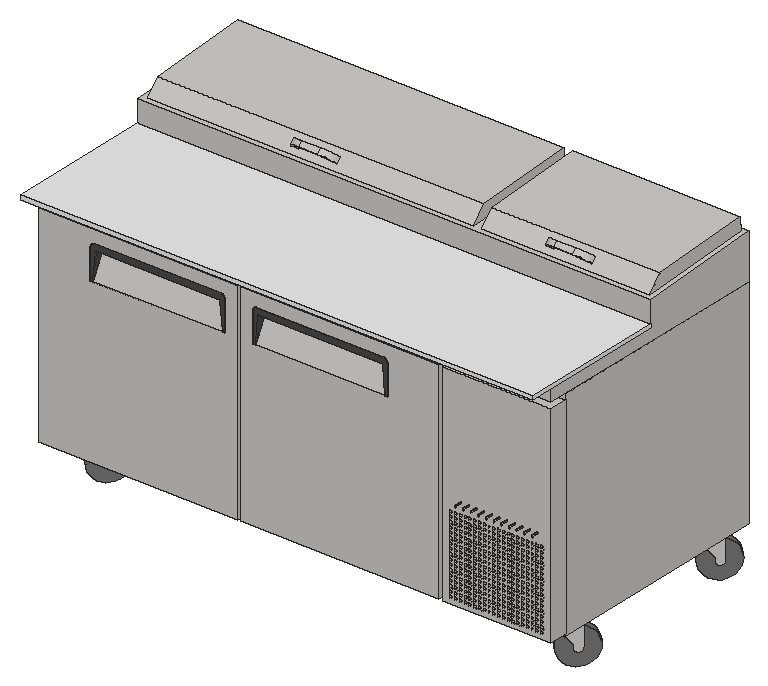
Revit family "QF_Turbo Air_TPR-67SD", category Specialty Equipment, Revit 2012
Parameters
  Weight in Pounds = 411
  Watermarked By = "http://revitwatermark.com"
  Volts = 115 V
  URL Cutsheet = ""
  URL = "www.turboairinc.com"
  Status [instance] = ""
  Specification by User [instance] = ""
  Specification by Manufacturer [instance] = ""
  Serial Number [instance] = ""
  Revision Code [instance] = ""
  Phase = 1
  Number of Poles [instance] = 1
  NAFEM Spec ID Number [instance] = ""
  Model = "TPR-67SD"
  Masterspec [instance] = ""
  Manufacturer = "Turbo Air"  # constant formula
  Legs [instance] = [6 inch Legs]  # no
  Item Number [instance] = "-"
  Installed By [instance] = ""
  HP = "2/3"
  Furnished By [instance] = ""
  Foodservice Equipment Identifier = yes
  FL Amps = 10.4 A
  Electrical Remarks [instance] = ""
  Electric Connection Type [instance] = ""
  Elec Conn RI Height [instance] = 0' - 0"
  Elec Conn Connection Height = 1' - 0"
  Description = "Pizza Prep Table"
  Cycle = 60 Hz
  Conn Plug = "NEMA 5-15P"
  Casters [instance] = not(Legs)  # yes
  CasterLeg Height [instance] = if([5 inch Casters], 0' 5 7/8", if([2_5 inch Casters], 0' 3 3/8", 0' 6"))  # 0' - 5 7/8"
  CSI MasterFormat = "11 41 13"
  Assembly Code = "E1090320"
  Apparent Power = if(Phase = 3, Volts * FL Amps * 1.73, Volts * FL Amps)  # 1196 VA
  6 inch Legs [instance] = no
  5 inch Casters [instance] = yes
  2_5 inch Casters [instance] = no
Reference planes (in)
  plane 1 "BACK": y = 0
  plane 2: z = 0
  plane 3 "LEFT": x = -20.78844
  plane 4 "RIGHT": x = 46.21156
  plane 5 "Front of Door": y = -32.25
  plane 6 "FRONT": y = -35.25
  plane 7 "Front of Pans": y = -16
  plane 8 "Left of Compressor": x = 32.08656
  plane 9 "Right of Left Door": x = 5.21156
  plane 10 "Bottom": z = 5.875
  plane 11 "TOP": z = 41.875
  plane 12 "Door Clearance": z = 53.25
  plane 13 "Work Top": z = 35.875
  plane 14: z = 34.3125
  plane 15 "Top of Door": z = 33.5625
  plane 16 "Bottom of Door": z = 6.125
  plane 17 "Back Stops": y = 1
  plane 18 "Front of Box": y = -29.875
  plane 19 "Left of Left Lid": x = -20.10094
  plane 20 "Right of Right Lid": x = 45.52406
  plane 21 "Handle Center of Left Lid": x = 1.21156
  plane 22 "Handle Elevation": z = 40.14331
  plane 23 "Handle Center FB": y = -14.47887
  plane 24 "Right of Right Door": x = 31.58656
  plane 25 "Left of Right Door": x = 5.58656
  plane 26 "Right of Left Lid": x = 22.52406
  plane 27 "Left of Right Lid": x = 23.64906
  plane 28 "Handle Center Right Lid": x = 34.58656
Forms (in)
  Extrusion 1, solid, material "QF_Finishes_Stainless Steel"
    sketch origin (-20.78844, 0, 0) x (0, 1, 0) y (0, 0, 1)
      loop
        line (0, 34.3125) -> (-29.875, 34.3125) -> (-29.875, 5.875) -> (0, 5.875) -> (0, 34.3125)
    from 0 to 67
  Extrusion 2, solid, material "QF_Finishes_Stainless Steel"
    sketch origin (-20.78844, 0, 0) x (0, 1, 0) y (0, 0, 1)
      loop
        line (0, 34.3125) -> (0, 40.1875) -> (-16, 39.1875) -> (-16, 35.875) -> (-32.25, 35.875) -> (-32.25, 34.3125) -> (0, 34.3125)
    from 0 to 67
  Extrusion 3, solid, material "QF_Finishes_Stainless Steel"
    sketch origin (-20.10094, 0, 0) x (0, 1, 0) y (0, 0, 1)
      loop
        line (-0.43665, 40.16021) -> (-0.54382, 41.875) -> (-13.67506, 41.0543) -> (-15.28268, 39.23233) -> (-0.43665, 40.16021)
    from 0 to 42.625
  Extrusion 4, solid, material "QF_Finishes_Stainless Steel"
    sketch origin (0, 15.62211, 13.58363) x (1, 0, 0) y (0, -0.749838, 0.661622)
      loop
        line (3.21156, 40.14331) -> (4.21156, 40.14331)
        arc (4.21156, 40.14331) -> (3.53685, 41.04872) -> (2.46156, 41.39331) r 1.85
        line (2.46156, 41.39331) -> (-0.03844, 41.39331)
        arc (-0.03844, 41.39331) -> (-1.11373, 41.04872) -> (-1.78844, 40.14331) r 1.85
        line (-1.78844, 40.14331) -> (-0.78844, 40.14331) -> (-0.78844, 40.64331)
        arc (-0.78844, 40.64331) -> (-0.64199, 40.99687) -> (-0.28844, 41.14331) r 0.5
        line (-0.28844, 41.14331) -> (2.71156, 41.14331)
        arc (2.71156, 41.14331) -> (3.06511, 40.99687) -> (3.21156, 40.64331) r 0.5
        line (3.21156, 40.64331) -> (3.21156, 40.14331)
    from -0.375 to 0.375
  Extrusion 5, solid, material "QF_Finishes_Black"
    sketch origin (0, -29.875, 0) x (1, 0, 0) y (0, 0, 1)
      loop
        line (-19.78844, 32.5625) -> (-19.78844, 7.125) -> (4.21156, 7.125) -> (4.21156, 32.5625) -> (-19.78844, 32.5625)
    from 0 to 0.5625
  Extrusion 6, solid, material "QF_Finishes_Stainless Steel"
    sketch origin (0, -29.875, 0) x (1, 0, 0) y (0, 0, 1)
      loop
        line (32.08656, 33.5625) -> (32.08656, 6.125) -> (46.21156, 6.125) -> (46.21156, 33.5625) -> (32.08656, 33.5625)
      loop
        line (39.64906, 7.125) -> (39.27406, 7.125) -> (39.27406, 6.75) -> (39.64906, 6.75) -> (39.64906, 7.125)
      loop
        line (40.27406, 7.125) -> (39.89906, 7.125) -> (39.89906, 6.75) -> (40.27406, 6.75) -> (40.27406, 7.125)
      loop
        line (40.89906, 7.125) -> (40.52406, 7.125) -> (40.52406, 6.75) -> (40.89906, 6.75) -> (40.89906, 7.125)
      loop
        line (41.52406, 7.125) -> (41.14906, 7.125) -> (41.14906, 6.75) -> (41.52406, 6.75) -> (41.52406, 7.125)
      loop
        line (42.14906, 7.125) -> (41.77406, 7.125) -> (41.77406, 6.75) -> (42.14906, 6.75) -> (42.14906, 7.125)
      loop
        line (42.77406, 7.125) -> (42.39906, 7.125) -> (42.39906, 6.75) -> (42.77406, 6.75) -> (42.77406, 7.125)
      loop
        line (43.39906, 7.125) -> (43.02406, 7.125) -> (43.02406, 6.75) -> (43.39906, 6.75) -> (43.39906, 7.125)
      loop
        line (44.02406, 7.125) -> (43.64906, 7.125) -> (43.64906, 6.75) -> (44.02406, 6.75) -> (44.02406, 7.125)
      loop
        line (44.64906, 7.125) -> (44.27406, 7.125) -> (44.27406, 6.75) -> (44.64906, 6.75) -> (44.64906, 7.125)
      loop
        line (45.27406, 6.75) -> (45.27406, 7.125) -> (44.89906, 7.125) -> (44.89906, 6.75) -> (45.27406, 6.75)
      loop
        line (38.64906, 7.125) -> (38.64906, 6.75) -> (39.02406, 6.75) -> (39.02406, 7.125) -> (38.64906, 7.125)
      loop
        line (38.02406, 7.125) -> (38.02406, 6.75) -> (38.39906, 6.75) -> (38.39906, 7.125) -> (38.02406, 7.125)
      loop
        line (37.39906, 7.125) -> (37.39906, 6.75) -> (37.77406, 6.75) -> (37.77406, 7.125) -> (37.39906, 7.125)
      loop
        line (36.77406, 7.125) -> (36.77406, 6.75) -> (37.14906, 6.75) -> (37.14906, 7.125) -> (36.77406, 7.125)
      loop
        line (36.14906, 7.125) -> (36.14906, 6.75) -> (36.52406, 6.75) -> (36.52406, 7.125) -> (36.14906, 7.125)
      loop
        line (35.52406, 7.125) -> (35.52406, 6.75) -> (35.89906, 6.75) -> (35.89906, 7.125) -> (35.52406, 7.125)
      loop
        line (34.89906, 7.125) -> (34.89906, 6.75) -> (35.27406, 6.75) -> (35.27406, 7.125) -> (34.89906, 7.125)
      loop
        line (34.27406, 7.125) -> (34.27406, 6.75) -> (34.64906, 6.75) -> (34.64906, 7.125) -> (34.27406, 7.125)
      loop
        line (33.64906, 7.125) -> (33.64906, 6.75) -> (34.02406, 6.75) -> (34.02406, 7.125) -> (33.64906, 7.125)
      loop
        line (33.02406, 6.75) -> (33.39906, 6.75) -> (33.39906, 7.125) -> (33.02406, 7.125) -> (33.02406, 6.75)
      loop
        line (39.64906, 7.75) -> (39.27406, 7.75) -> (39.27406, 7.375) -> (39.64906, 7.375) -> (39.64906, 7.75)
      loop
        line (40.27406, 7.75) -> (39.89906, 7.75) -> (39.89906, 7.375) -> (40.27406, 7.375) -> (40.27406, 7.75)
      loop
        line (40.89906, 7.75) -> (40.52406, 7.75) -> (40.52406, 7.375) -> (40.89906, 7.375) -> (40.89906, 7.75)
      loop
        line (41.52406, 7.75) -> (41.14906, 7.75) -> (41.14906, 7.375) -> (41.52406, 7.375) -> (41.52406, 7.75)
      loop
        line (42.14906, 7.75) -> (41.77406, 7.75) -> (41.77406, 7.375) -> (42.14906, 7.375) -> (42.14906, 7.75)
      loop
        line (42.77406, 7.75) -> (42.39906, 7.75) -> (42.39906, 7.375) -> (42.77406, 7.375) -> (42.77406, 7.75)
      loop
        line (43.39906, 7.75) -> (43.02406, 7.75) -> (43.02406, 7.375) -> (43.39906, 7.375) -> (43.39906, 7.75)
      loop
        line (44.02406, 7.75) -> (43.64906, 7.75) -> (43.64906, 7.375) -> (44.02406, 7.375) -> (44.02406, 7.75)
      loop
        line (44.64906, 7.75) -> (44.27406, 7.75) -> (44.27406, 7.375) -> (44.64906, 7.375) -> (44.64906, 7.75)
      loop
        line (45.27406, 7.375) -> (45.27406, 7.75) -> (44.89906, 7.75) -> (44.89906, 7.375) -> (45.27406, 7.375)
      loop
        line (38.64906, 7.75) -> (38.64906, 7.375) -> (39.02406, 7.375) -> (39.02406, 7.75) -> (38.64906, 7.75)
      loop
        line (38.02406, 7.75) -> (38.02406, 7.375) -> (38.39906, 7.375) -> (38.39906, 7.75) -> (38.02406, 7.75)
      loop
        line (37.39906, 7.75) -> (37.39906, 7.375) -> (37.77406, 7.375) -> (37.77406, 7.75) -> (37.39906, 7.75)
      loop
        line (36.77406, 7.75) -> (36.77406, 7.375) -> (37.14906, 7.375) -> (37.14906, 7.75) -> (36.77406, 7.75)
      loop
        line (36.14906, 7.75) -> (36.14906, 7.375) -> (36.52406, 7.375) -> (36.52406, 7.75) -> (36.14906, 7.75)
      loop
        line (35.52406, 7.75) -> (35.52406, 7.375) -> (35.89906, 7.375) -> (35.89906, 7.75) -> (35.52406, 7.75)
      loop
        line (34.89906, 7.75) -> (34.89906, 7.375) -> (35.27406, 7.375) -> (35.27406, 7.75) -> (34.89906, 7.75)
      loop
        line (34.27406, 7.75) -> (34.27406, 7.375) -> (34.64906, 7.375) -> (34.64906, 7.75) -> (34.27406, 7.75)
      loop
        line (33.64906, 7.75) -> (33.64906, 7.375) -> (34.02406, 7.375) -> (34.02406, 7.75) -> (33.64906, 7.75)
      loop
        line (33.02406, 7.375) -> (33.39906, 7.375) -> (33.39906, 7.75) -> (33.02406, 7.75) -> (33.02406, 7.375)
      loop
        line (39.64906, 8.375) -> (39.27406, 8.375) -> (39.27406, 8) -> (39.64906, 8) -> (39.64906, 8.375)
      loop
        line (40.27406, 8.375) -> (39.89906, 8.375) -> (39.89906, 8) -> (40.27406, 8) -> (40.27406, 8.375)
      loop
        line (40.89906, 8.375) -> (40.52406, 8.375) -> (40.52406, 8) -> (40.89906, 8) -> (40.89906, 8.375)
      loop
        line (41.52406, 8.375) -> (41.14906, 8.375) -> (41.14906, 8) -> (41.52406, 8) -> (41.52406, 8.375)
      loop
        line (42.14906, 8.375) -> (41.77406, 8.375) -> (41.77406, 8) -> (42.14906, 8) -> (42.14906, 8.375)
      loop
        line (42.77406, 8.375) -> (42.39906, 8.375) -> (42.39906, 8) -> (42.77406, 8) -> (42.77406, 8.375)
      loop
        line (43.39906, 8.375) -> (43.02406, 8.375) -> (43.02406, 8) -> (43.39906, 8) -> (43.39906, 8.375)
      loop
        line (44.02406, 8.375) -> (43.64906, 8.375) -> (43.64906, 8) -> (44.02406, 8) -> (44.02406, 8.375)
      loop
        line (44.64906, 8.375) -> (44.27406, 8.375) -> (44.27406, 8) -> (44.64906, 8) -> (44.64906, 8.375)
      loop
        line (45.27406, 8) -> (45.27406, 8.375) -> (44.89906, 8.375) -> (44.89906, 8) -> (45.27406, 8)
      loop
        line (38.64906, 8.375) -> (38.64906, 8) -> (39.02406, 8) -> (39.02406, 8.375) -> (38.64906, 8.375)
      loop
        line (38.02406, 8.375) -> (38.02406, 8) -> (38.39906, 8) -> (38.39906, 8.375) -> (38.02406, 8.375)
      loop
        line (37.39906, 8.375) -> (37.39906, 8) -> (37.77406, 8) -> (37.77406, 8.375) -> (37.39906, 8.375)
      loop
        line (36.77406, 8.375) -> (36.77406, 8) -> (37.14906, 8) -> (37.14906, 8.375) -> (36.77406, 8.375)
      loop
        line (36.14906, 8.375) -> (36.14906, 8) -> (36.52406, 8) -> (36.52406, 8.375) -> (36.14906, 8.375)
      loop
        line (35.52406, 8.375) -> (35.52406, 8) -> (35.89906, 8) -> (35.89906, 8.375) -> (35.52406, 8.375)
      loop
        line (34.89906, 8.375) -> (34.89906, 8) -> (35.27406, 8) -> (35.27406, 8.375) -> (34.89906, 8.375)
      loop
        line (34.27406, 8.375) -> (34.27406, 8) -> (34.64906, 8) -> (34.64906, 8.375) -> (34.27406, 8.375)
      loop
        line (33.64906, 8.375) -> (33.64906, 8) -> (34.02406, 8) -> (34.02406, 8.375) -> (33.64906, 8.375)
      loop
        line (33.02406, 8) -> (33.39906, 8) -> (33.39906, 8.375) -> (33.02406, 8.375) -> (33.02406, 8)
      loop
        line (39.64906, 9) -> (39.27406, 9) -> (39.27406, 8.625) -> (39.64906, 8.625) -> (39.64906, 9)
      loop
        line (40.27406, 9) -> (39.89906, 9) -> (39.89906, 8.625) -> (40.27406, 8.625) -> (40.27406, 9)
      loop
        line (40.89906, 9) -> (40.52406, 9) -> (40.52406, 8.625) -> (40.89906, 8.625) -> (40.89906, 9)
      loop
        line (41.52406, 9) -> (41.14906, 9) -> (41.14906, 8.625) -> (41.52406, 8.625) -> (41.52406, 9)
      loop
        line (42.14906, 9) -> (41.77406, 9) -> (41.77406, 8.625) -> (42.14906, 8.625) -> (42.14906, 9)
      loop
        line (42.77406, 9) -> (42.39906, 9) -> (42.39906, 8.625) -> (42.77406, 8.625) -> (42.77406, 9)
      loop
        line (43.39906, 9) -> (43.02406, 9) -> (43.02406, 8.625) -> (43.39906, 8.625) -> (43.39906, 9)
      loop
        line (44.02406, 9) -> (43.64906, 9) -> (43.64906, 8.625) -> (44.02406, 8.625) -> (44.02406, 9)
      loop
        line (44.64906, 9) -> (44.27406, 9) -> (44.27406, 8.625) -> (44.64906, 8.625) -> (44.64906, 9)
      loop
        line (45.27406, 8.625) -> (45.27406, 9) -> (44.89906, 9) -> (44.89906, 8.625) -> (45.27406, 8.625)
      loop
        line (38.64906, 9) -> (38.64906, 8.625) -> (39.02406, 8.625) -> (39.02406, 9) -> (38.64906, 9)
      loop
        line (38.02406, 9) -> (38.02406, 8.625) -> (38.39906, 8.625) -> (38.39906, 9) -> (38.02406, 9)
      loop
        line (37.39906, 9) -> (37.39906, 8.625) -> (37.77406, 8.625) -> (37.77406, 9) -> (37.39906, 9)
      loop
        line (36.77406, 9) -> (36.77406, 8.625) -> (37.14906, 8.625) -> (37.14906, 9) -> (36.77406, 9)
      loop
        line (36.14906, 9) -> (36.14906, 8.625) -> (36.52406, 8.625) -> (36.52406, 9) -> (36.14906, 9)
      loop
        line (35.52406, 9) -> (35.52406, 8.625) -> (35.89906, 8.625) -> (35.89906, 9) -> (35.52406, 9)
      loop
        line (34.89906, 9) -> (34.89906, 8.625) -> (35.27406, 8.625) -> (35.27406, 9) -> (34.89906, 9)
      loop
        line (34.27406, 9) -> (34.27406, 8.625) -> (34.64906, 8.625) -> (34.64906, 9) -> (34.27406, 9)
      loop
        line (33.64906, 9) -> (33.64906, 8.625) -> (34.02406, 8.625) -> (34.02406, 9) -> (33.64906, 9)
      loop
        line (33.02406, 8.625) -> (33.39906, 8.625) -> (33.39906, 9) -> (33.02406, 9) -> (33.02406, 8.625)
      loop
        line (39.64906, 9.625) -> (39.27406, 9.625) -> (39.27406, 9.25) -> (39.64906, 9.25) -> (39.64906, 9.625)
      loop
        line (40.27406, 9.625) -> (39.89906, 9.625) -> (39.89906, 9.25) -> (40.27406, 9.25) -> (40.27406, 9.625)
      loop
        line (40.89906, 9.625) -> (40.52406, 9.625) -> (40.52406, 9.25) -> (40.89906, 9.25) -> (40.89906, 9.625)
      loop
        line (41.52406, 9.625) -> (41.14906, 9.625) -> (41.14906, 9.25) -> (41.52406, 9.25) -> (41.52406, 9.625)
      loop
        line (42.14906, 9.625) -> (41.77406, 9.625) -> (41.77406, 9.25) -> (42.14906, 9.25) -> (42.14906, 9.625)
      loop
        line (42.77406, 9.625) -> (42.39906, 9.625) -> (42.39906, 9.25) -> (42.77406, 9.25) -> (42.77406, 9.625)
      loop
        line (43.39906, 9.625) -> (43.02406, 9.625) -> (43.02406, 9.25) -> (43.39906, 9.25) -> (43.39906, 9.625)
      loop
        line (44.02406, 9.625) -> (43.64906, 9.625) -> (43.64906, 9.25) -> (44.02406, 9.25) -> (44.02406, 9.625)
      loop
        line (44.64906, 9.625) -> (44.27406, 9.625) -> (44.27406, 9.25) -> (44.64906, 9.25) -> (44.64906, 9.625)
      loop
        line (45.27406, 9.25) -> (45.27406, 9.625) -> (44.89906, 9.625) -> (44.89906, 9.25) -> (45.27406, 9.25)
      loop
        line (38.64906, 9.625) -> (38.64906, 9.25) -> (39.02406, 9.25) -> (39.02406, 9.625) -> (38.64906, 9.625)
      loop
        line (38.02406, 9.625) -> (38.02406, 9.25) -> (38.39906, 9.25) -> (38.39906, 9.625) -> (38.02406, 9.625)
      loop
        line (37.39906, 9.625) -> (37.39906, 9.25) -> (37.77406, 9.25) -> (37.77406, 9.625) -> (37.39906, 9.625)
      loop
        line (36.77406, 9.625) -> (36.77406, 9.25) -> (37.14906, 9.25) -> (37.14906, 9.625) -> (36.77406, 9.625)
      loop
        line (36.14906, 9.625) -> (36.14906, 9.25) -> (36.52406, 9.25) -> (36.52406, 9.625) -> (36.14906, 9.625)
      loop
        line (35.52406, 9.625) -> (35.52406, 9.25) -> (35.89906, 9.25) -> (35.89906, 9.625) -> (35.52406, 9.625)
      loop
        line (34.89906, 9.625) -> (34.89906, 9.25) -> (35.27406, 9.25) -> (35.27406, 9.625) -> (34.89906, 9.625)
      loop
        line (34.27406, 9.625) -> (34.27406, 9.25) -> (34.64906, 9.25) -> (34.64906, 9.625) -> (34.27406, 9.625)
      loop
        line (33.64906, 9.625) -> (33.64906, 9.25) -> (34.02406, 9.25) -> (34.02406, 9.625) -> (33.64906, 9.625)
      loop
        line (33.02406, 9.25) -> (33.39906, 9.25) -> (33.39906, 9.625) -> (33.02406, 9.625) -> (33.02406, 9.25)
      loop
        line (39.64906, 10.25) -> (39.27406, 10.25) -> (39.27406, 9.875) -> (39.64906, 9.875) -> (39.64906, 10.25)
      loop
        line (40.27406, 10.25) -> (39.89906, 10.25) -> (39.89906, 9.875) -> (40.27406, 9.875) -> (40.27406, 10.25)
      loop
        line (40.89906, 10.25) -> (40.52406, 10.25) -> (40.52406, 9.875) -> (40.89906, 9.875) -> (40.89906, 10.25)
      loop
        line (41.52406, 10.25) -> (41.14906, 10.25) -> (41.14906, 9.875) -> (41.52406, 9.875) -> (41.52406, 10.25)
      loop
        line (42.14906, 10.25) -> (41.77406, 10.25) -> (41.77406, 9.875) -> (42.14906, 9.875) -> (42.14906, 10.25)
      loop
        line (42.77406, 10.25) -> (42.39906, 10.25) -> (42.39906, 9.875) -> (42.77406, 9.875) -> (42.77406, 10.25)
      loop
        line (43.39906, 10.25) -> (43.02406, 10.25) -> (43.02406, 9.875) -> (43.39906, 9.875) -> (43.39906, 10.25)
      loop
        line (44.02406, 10.25) -> (43.64906, 10.25) -> (43.64906, 9.875) -> (44.02406, 9.875) -> (44.02406, 10.25)
      loop
        line (44.64906, 10.25) -> (44.27406, 10.25) -> (44.27406, 9.875) -> (44.64906, 9.875) -> (44.64906, 10.25)
      loop
        line (45.27406, 9.875) -> (45.27406, 10.25) -> (44.89906, 10.25) -> (44.89906, 9.875) -> (45.27406, 9.875)
      loop
        line (38.64906, 10.25) -> (38.64906, 9.875) -> (39.02406, 9.875) -> (39.02406, 10.25) -> (38.64906, 10.25)
      loop
        line (38.02406, 10.25) -> (38.02406, 9.875) -> (38.39906, 9.875) -> (38.39906, 10.25) -> (38.02406, 10.25)
      loop
        line (37.39906, 10.25) -> (37.39906, 9.875) -> (37.77406, 9.875) -> (37.77406, 10.25) -> (37.39906, 10.25)
      loop
        line (36.77406, 10.25) -> (36.77406, 9.875) -> (37.14906, 9.875) -> (37.14906, 10.25) -> (36.77406, 10.25)
      loop
        line (36.14906, 10.25) -> (36.14906, 9.875) -> (36.52406, 9.875) -> (36.52406, 10.25) -> (36.14906, 10.25)
      loop
        line (35.52406, 10.25) -> (35.52406, 9.875) -> (35.89906, 9.875) -> (35.89906, 10.25) -> (35.52406, 10.25)
      loop
        line (34.89906, 10.25) -> (34.89906, 9.875) -> (35.27406, 9.875) -> (35.27406, 10.25) -> (34.89906, 10.25)
      loop
        line (34.27406, 10.25) -> (34.27406, 9.875) -> (34.64906, 9.875) -> (34.64906, 10.25) -> (34.27406, 10.25)
      loop
        line (33.64906, 10.25) -> (33.64906, 9.875) -> (34.02406, 9.875) -> (34.02406, 10.25) -> (33.64906, 10.25)
      loop
        line (33.02406, 9.875) -> (33.39906, 9.875) -> (33.39906, 10.25) -> (33.02406, 10.25) -> (33.02406, 9.875)
      loop
        line (39.64906, 10.875) -> (39.27406, 10.875) -> (39.27406, 10.5) -> (39.64906, 10.5) -> (39.64906, 10.875)
      loop
        line (40.27406, 10.875) -> (39.89906, 10.875) -> (39.89906, 10.5) -> (40.27406, 10.5) -> (40.27406, 10.875)
      loop
        line (40.89906, 10.875) -> (40.52406, 10.875) -> (40.52406, 10.5) -> (40.89906, 10.5) -> (40.89906, 10.875)
      loop
        line (41.52406, 10.875) -> (41.14906, 10.875) -> (41.14906, 10.5) -> (41.52406, 10.5) -> (41.52406, 10.875)
      loop
        line (42.14906, 10.875) -> (41.77406, 10.875) -> (41.77406, 10.5) -> (42.14906, 10.5) -> (42.14906, 10.875)
      loop
        line (42.77406, 10.875) -> (42.39906, 10.875) -> (42.39906, 10.5) -> (42.77406, 10.5) -> (42.77406, 10.875)
      loop
        line (43.39906, 10.875) -> (43.02406, 10.875) -> (43.02406, 10.5) -> (43.39906, 10.5) -> (43.39906, 10.875)
      loop
        line (44.02406, 10.875) -> (43.64906, 10.875) -> (43.64906, 10.5) -> (44.02406, 10.5) -> (44.02406, 10.875)
      loop
        line (44.64906, 10.875) -> (44.27406, 10.875) -> (44.27406, 10.5) -> (44.64906, 10.5) -> (44.64906, 10.875)
      loop
        line (45.27406, 10.5) -> (45.27406, 10.875) -> (44.89906, 10.875) -> (44.89906, 10.5) -> (45.27406, 10.5)
      loop
        line (38.64906, 10.875) -> (38.64906, 10.5) -> (39.02406, 10.5) -> (39.02406, 10.875) -> (38.64906, 10.875)
      loop
        line (38.02406, 10.875) -> (38.02406, 10.5) -> (38.39906, 10.5) -> (38.39906, 10.875) -> (38.02406, 10.875)
      loop
        line (37.39906, 10.875) -> (37.39906, 10.5) -> (37.77406, 10.5) -> (37.77406, 10.875) -> (37.39906, 10.875)
      loop
        line (36.77406, 10.875) -> (36.77406, 10.5) -> (37.14906, 10.5) -> (37.14906, 10.875) -> (36.77406, 10.875)
      loop
        line (36.14906, 10.875) -> (36.14906, 10.5) -> (36.52406, 10.5) -> (36.52406, 10.875) -> (36.14906, 10.875)
      loop
        line (35.52406, 10.875) -> (35.52406, 10.5) -> (35.89906, 10.5) -> (35.89906, 10.875) -> (35.52406, 10.875)
      loop
        line (34.89906, 10.875) -> (34.89906, 10.5) -> (35.27406, 10.5) -> (35.27406, 10.875) -> (34.89906, 10.875)
      loop
        line (34.27406, 10.875) -> (34.27406, 10.5) -> (34.64906, 10.5) -> (34.64906, 10.875) -> (34.27406, 10.875)
      loop
        line (33.64906, 10.875) -> (33.64906, 10.5) -> (34.02406, 10.5) -> (34.02406, 10.875) -> (33.64906, 10.875)
      loop
        line (33.02406, 10.5) -> (33.39906, 10.5) -> (33.39906, 10.875) -> (33.02406, 10.875) -> (33.02406, 10.5)
      loop
        line (39.64906, 11.5) -> (39.27406, 11.5) -> (39.27406, 11.125) -> (39.64906, 11.125) -> (39.64906, 11.5)
      loop
        line (40.27406, 11.5) -> (39.89906, 11.5) -> (39.89906, 11.125) -> (40.27406, 11.125) -> (40.27406, 11.5)
      loop
        line (40.89906, 11.5) -> (40.52406, 11.5) -> (40.52406, 11.125) -> (40.89906, 11.125) -> (40.89906, 11.5)
      loop
        line (41.52406, 11.5) -> (41.14906, 11.5) -> (41.14906, 11.125) -> (41.52406, 11.125) -> (41.52406, 11.5)
      loop
        line (42.14906, 11.5) -> (41.77406, 11.5) -> (41.77406, 11.125) -> (42.14906, 11.125) -> (42.14906, 11.5)
      loop
        line (42.77406, 11.5) -> (42.39906, 11.5) -> (42.39906, 11.125) -> (42.77406, 11.125) -> (42.77406, 11.5)
      loop
        line (43.39906, 11.5) -> (43.02406, 11.5) -> (43.02406, 11.125) -> (43.39906, 11.125) -> (43.39906, 11.5)
      loop
        line (44.02406, 11.5) -> (43.64906, 11.5) -> (43.64906, 11.125) -> (44.02406, 11.125) -> (44.02406, 11.5)
      loop
        line (44.64906, 11.5) -> (44.27406, 11.5) -> (44.27406, 11.125) -> (44.64906, 11.125) -> (44.64906, 11.5)
      loop
        line (45.27406, 11.125) -> (45.27406, 11.5) -> (44.89906, 11.5) -> (44.89906, 11.125) -> (45.27406, 11.125)
      loop
        line (38.64906, 11.5) -> (38.64906, 11.125) -> (39.02406, 11.125) -> (39.02406, 11.5) -> (38.64906, 11.5)
      loop
        line (38.02406, 11.5) -> (38.02406, 11.125) -> (38.39906, 11.125) -> (38.39906, 11.5) -> (38.02406, 11.5)
      loop
        line (37.39906, 11.5) -> (37.39906, 11.125) -> (37.77406, 11.125) -> (37.77406, 11.5) -> (37.39906, 11.5)
      loop
        line (36.77406, 11.5) -> (36.77406, 11.125) -> (37.14906, 11.125) -> (37.14906, 11.5) -> (36.77406, 11.5)
      loop
        line (36.14906, 11.5) -> (36.14906, 11.125) -> (36.52406, 11.125) -> (36.52406, 11.5) -> (36.14906, 11.5)
      loop
        line (35.52406, 11.5) -> (35.52406, 11.125) -> (35.89906, 11.125) -> (35.89906, 11.5) -> (35.52406, 11.5)
      loop
        line (34.89906, 11.5) -> (34.89906, 11.125) -> (35.27406, 11.125) -> (35.27406, 11.5) -> (34.89906, 11.5)
      loop
        line (34.27406, 11.5) -> (34.27406, 11.125) -> (34.64906, 11.125) -> (34.64906, 11.5) -> (34.27406, 11.5)
      loop
        line (33.64906, 11.5) -> (33.64906, 11.125) -> (34.02406, 11.125) -> (34.02406, 11.5) -> (33.64906, 11.5)
      loop
        line (33.02406, 11.125) -> (33.39906, 11.125) -> (33.39906, 11.5) -> (33.02406, 11.5) -> (33.02406, 11.125)
      loop
        line (39.64906, 12.125) -> (39.27406, 12.125) -> (39.27406, 11.75) -> (39.64906, 11.75) -> (39.64906, 12.125)
      loop
        line (40.27406, 12.125) -> (39.89906, 12.125) -> (39.89906, 11.75) -> (40.27406, 11.75) -> (40.27406, 12.125)
      loop
        line (40.89906, 12.125) -> (40.52406, 12.125) -> (40.52406, 11.75) -> (40.89906, 11.75) -> (40.89906, 12.125)
      loop
        line (41.52406, 12.125) -> (41.14906, 12.125) -> (41.14906, 11.75) -> (41.52406, 11.75) -> (41.52406, 12.125)
      loop
        line (42.14906, 12.125) -> (41.77406, 12.125) -> (41.77406, 11.75) -> (42.14906, 11.75) -> (42.14906, 12.125)
      loop
        line (42.77406, 12.125) -> (42.39906, 12.125) -> (42.39906, 11.75) -> (42.77406, 11.75) -> (42.77406, 12.125)
      loop
        line (43.39906, 12.125) -> (43.02406, 12.125) -> (43.02406, 11.75) -> (43.39906, 11.75) -> (43.39906, 12.125)
      loop
        line (44.02406, 12.125) -> (43.64906, 12.125) -> (43.64906, 11.75) -> (44.02406, 11.75) -> (44.02406, 12.125)
      loop
        line (44.64906, 12.125) -> (44.27406, 12.125) -> (44.27406, 11.75) -> (44.64906, 11.75) -> (44.64906, 12.125)
      loop
        line (45.27406, 11.75) -> (45.27406, 12.125) -> (44.89906, 12.125) -> (44.89906, 11.75) -> (45.27406, 11.75)
      loop
        line (38.64906, 12.125) -> (38.64906, 11.75) -> (39.02406, 11.75) -> (39.02406, 12.125) -> (38.64906, 12.125)
      loop
        line (38.02406, 12.125) -> (38.02406, 11.75) -> (38.39906, 11.75) -> (38.39906, 12.125) -> (38.02406, 12.125)
      loop
        line (37.39906, 12.125) -> (37.39906, 11.75) -> (37.77406, 11.75) -> (37.77406, 12.125) -> (37.39906, 12.125)
      loop
        line (36.77406, 12.125) -> (36.77406, 11.75) -> (37.14906, 11.75) -> (37.14906, 12.125) -> (36.77406, 12.125)
      loop
        line (36.14906, 12.125) -> (36.14906, 11.75) -> (36.52406, 11.75) -> (36.52406, 12.125) -> (36.14906, 12.125)
      loop
        line (35.52406, 12.125) -> (35.52406, 11.75) -> (35.89906, 11.75) -> (35.89906, 12.125) -> (35.52406, 12.125)
      loop
        line (34.89906, 12.125) -> (34.89906, 11.75) -> (35.27406, 11.75) -> (35.27406, 12.125) -> (34.89906, 12.125)
      loop
        line (34.27406, 12.125) -> (34.27406, 11.75) -> (34.64906, 11.75) -> (34.64906, 12.125) -> (34.27406, 12.125)
      loop
        line (33.64906, 12.125) -> (33.64906, 11.75) -> (34.02406, 11.75) -> (34.02406, 12.125) -> (33.64906, 12.125)
      loop
        line (33.02406, 11.75) -> (33.39906, 11.75) -> (33.39906, 12.125) -> (33.02406, 12.125) -> (33.02406, 11.75)
      loop
        line (39.64906, 12.75) -> (39.27406, 12.75) -> (39.27406, 12.375) -> (39.64906, 12.375) -> (39.64906, 12.75)
      loop
        line (40.27406, 12.75) -> (39.89906, 12.75) -> (39.89906, 12.375) -> (40.27406, 12.375) -> (40.27406, 12.75)
      loop
        line (40.89906, 12.75) -> (40.52406, 12.75) -> (40.52406, 12.375) -> (40.89906, 12.375) -> (40.89906, 12.75)
      loop
        line (41.52406, 12.75) -> (41.14906, 12.75) -> (41.14906, 12.375) -> (41.52406, 12.375) -> (41.52406, 12.75)
      loop
        line (42.14906, 12.75) -> (41.77406, 12.75) -> (41.77406, 12.375) -> (42.14906, 12.375) -> (42.14906, 12.75)
      loop
        line (42.77406, 12.75) -> (42.39906, 12.75) -> (42.39906, 12.375) -> (42.77406, 12.375) -> (42.77406, 12.75)
      loop
        line (43.39906, 12.75) -> (43.02406, 12.75) -> (43.02406, 12.375) -> (43.39906, 12.375) -> (43.39906, 12.75)
      loop
        line (44.02406, 12.75) -> (43.64906, 12.75) -> (43.64906, 12.375) -> (44.02406, 12.375) -> (44.02406, 12.75)
      loop
        line (44.64906, 12.75) -> (44.27406, 12.75) -> (44.27406, 12.375) -> (44.64906, 12.375) -> (44.64906, 12.75)
      loop
        line (45.27406, 12.375) -> (45.27406, 12.75) -> (44.89906, 12.75) -> (44.89906, 12.375) -> (45.27406, 12.375)
      loop
        line (38.64906, 12.75) -> (38.64906, 12.375) -> (39.02406, 12.375) -> (39.02406, 12.75) -> (38.64906, 12.75)
      loop
        line (38.02406, 12.75) -> (38.02406, 12.375) -> (38.39906, 12.375) -> (38.39906, 12.75) -> (38.02406, 12.75)
      loop
        line (37.39906, 12.75) -> (37.39906, 12.375) -> (37.77406, 12.375) -> (37.77406, 12.75) -> (37.39906, 12.75)
      loop
        line (36.77406, 12.75) -> (36.77406, 12.375) -> (37.14906, 12.375) -> (37.14906, 12.75) -> (36.77406, 12.75)
      loop
        line (36.14906, 12.75) -> (36.14906, 12.375) -> (36.52406, 12.375) -> (36.52406, 12.75) -> (36.14906, 12.75)
      loop
        line (35.52406, 12.75) -> (35.52406, 12.375) -> (35.89906, 12.375) -> (35.89906, 12.75) -> (35.52406, 12.75)
      loop
        line (34.89906, 12.75) -> (34.89906, 12.375) -> (35.27406, 12.375) -> (35.27406, 12.75) -> (34.89906, 12.75)
      loop
        line (34.27406, 12.75) -> (34.27406, 12.375) -> (34.64906, 12.375) -> (34.64906, 12.75) -> (34.27406, 12.75)
      loop
        line (33.64906, 12.75) -> (33.64906, 12.375) -> (34.02406, 12.375) -> (34.02406, 12.75) -> (33.64906, 12.75)
      loop
        line (33.02406, 12.375) -> (33.39906, 12.375) -> (33.39906, 12.75) -> (33.02406, 12.75) -> (33.02406, 12.375)
      loop
        line (39.64906, 13.375) -> (39.27406, 13.375) -> (39.27406, 13) -> (39.64906, 13) -> (39.64906, 13.375)
      loop
        line (40.27406, 13.375) -> (39.89906, 13.375) -> (39.89906, 13) -> (40.27406, 13) -> (40.27406, 13.375)
      loop
        line (40.89906, 13.375) -> (40.52406, 13.375) -> (40.52406, 13) -> (40.89906, 13) -> (40.89906, 13.375)
      loop
        line (41.52406, 13.375) -> (41.14906, 13.375) -> (41.14906, 13) -> (41.52406, 13) -> (41.52406, 13.375)
      loop
        line (42.14906, 13.375) -> (41.77406, 13.375) -> (41.77406, 13) -> (42.14906, 13) -> (42.14906, 13.375)
      loop
        line (42.77406, 13.375) -> (42.39906, 13.375) -> (42.39906, 13) -> (42.77406, 13) -> (42.77406, 13.375)
      loop
        line (43.39906, 13.375) -> (43.02406, 13.375) -> (43.02406, 13) -> (43.39906, 13) -> (43.39906, 13.375)
      loop
        line (44.02406, 13.375) -> (43.64906, 13.375) -> (43.64906, 13) -> (44.02406, 13) -> (44.02406, 13.375)
      loop
        line (44.64906, 13.375) -> (44.27406, 13.375) -> (44.27406, 13) -> (44.64906, 13) -> (44.64906, 13.375)
      loop
        line (45.27406, 13) -> (45.27406, 13.375) -> (44.89906, 13.375) -> (44.89906, 13) -> (45.27406, 13)
      loop
        line (38.64906, 13.375) -> (38.64906, 13) -> (39.02406, 13) -> (39.02406, 13.375) -> (38.64906, 13.375)
      loop
        line (38.02406, 13.375) -> (38.02406, 13) -> (38.39906, 13) -> (38.39906, 13.375) -> (38.02406, 13.375)
      loop
        line (37.39906, 13.375) -> (37.39906, 13) -> (37.77406, 13) -> (37.77406, 13.375) -> (37.39906, 13.375)
      loop
        line (36.77406, 13.375) -> (36.77406, 13) -> (37.14906, 13) -> (37.14906, 13.375) -> (36.77406, 13.375)
      loop
        line (36.14906, 13.375) -> (36.14906, 13) -> (36.52406, 13) -> (36.52406, 13.375) -> (36.14906, 13.375)
      loop
        line (35.52406, 13.375) -> (35.52406, 13) -> (35.89906, 13) -> (35.89906, 13.375) -> (35.52406, 13.375)
      loop
        line (34.89906, 13.375) -> (34.89906, 13) -> (35.27406, 13) -> (35.27406, 13.375) -> (34.89906, 13.375)
      loop
        line (34.27406, 13.375) -> (34.27406, 13) -> (34.64906, 13) -> (34.64906, 13.375) -> (34.27406, 13.375)
      loop
        line (33.64906, 13.375) -> (33.64906, 13) -> (34.02406, 13) -> (34.02406, 13.375) -> (33.64906, 13.375)
      loop
        line (33.02406, 13) -> (33.39906, 13) -> (33.39906, 13.375) -> (33.02406, 13.375) -> (33.02406, 13)
      loop
        line (39.64906, 14) -> (39.27406, 14) -> (39.27406, 13.625) -> (39.64906, 13.625) -> (39.64906, 14)
      loop
        line (40.27406, 14) -> (39.89906, 14) -> (39.89906, 13.625) -> (40.27406, 13.625) -> (40.27406, 14)
      loop
        line (40.89906, 14) -> (40.52406, 14) -> (40.52406, 13.625) -> (40.89906, 13.625) -> (40.89906, 14)
      loop
        line (41.52406, 14) -> (41.14906, 14) -> (41.14906, 13.625) -> (41.52406, 13.625) -> (41.52406, 14)
      loop
        line (42.14906, 14) -> (41.77406, 14) -> (41.77406, 13.625) -> (42.14906, 13.625) -> (42.14906, 14)
      loop
        line (42.77406, 14) -> (42.39906, 14) -> (42.39906, 13.625) -> (42.77406, 13.625) -> (42.77406, 14)
      loop
        line (43.39906, 14) -> (43.02406, 14) -> (43.02406, 13.625) -> (43.39906, 13.625) -> (43.39906, 14)
      loop
        line (44.02406, 14) -> (43.64906, 14) -> (43.64906, 13.625) -> (44.02406, 13.625) -> (44.02406, 14)
      loop
        line (44.64906, 14) -> (44.27406, 14) -> (44.27406, 13.625) -> (44.64906, 13.625) -> (44.64906, 14)
      loop
        line (45.27406, 13.625) -> (45.27406, 14) -> (44.89906, 14) -> (44.89906, 13.625) -> (45.27406, 13.625)
      loop
        line (38.64906, 14) -> (38.64906, 13.625) -> (39.02406, 13.625) -> (39.02406, 14) -> (38.64906, 14)
      loop
        line (38.02406, 14) -> (38.02406, 13.625) -> (38.39906, 13.625) -> (38.39906, 14) -> (38.02406, 14)
      loop
        line (37.39906, 14) -> (37.39906, 13.625) -> (37.77406, 13.625) -> (37.77406, 14) -> (37.39906, 14)
      loop
        line (36.77406, 14) -> (36.77406, 13.625) -> (37.14906, 13.625) -> (37.14906, 14) -> (36.77406, 14)
      loop
        line (36.14906, 14) -> (36.14906, 13.625) -> (36.52406, 13.625) -> (36.52406, 14) -> (36.14906, 14)
      loop
        line (35.52406, 14) -> (35.52406, 13.625) -> (35.89906, 13.625) -> (35.89906, 14) -> (35.52406, 14)
      loop
        line (34.89906, 14) -> (34.89906, 13.625) -> (35.27406, 13.625) -> (35.27406, 14) -> (34.89906, 14)
      loop
        line (34.27406, 14) -> (34.27406, 13.625) -> (34.64906, 13.625) -> (34.64906, 14) -> (34.27406, 14)
      loop
        line (33.64906, 14) -> (33.64906, 13.625) -> (34.02406, 13.625) -> (34.02406, 14) -> (33.64906, 14)
      loop
        line (33.02406, 13.625) -> (33.39906, 13.625) -> (33.39906, 14) -> (33.02406, 14) -> (33.02406, 13.625)
      loop
        line (39.64906, 14.625) -> (39.27406, 14.625) -> (39.27406, 14.25) -> (39.64906, 14.25) -> (39.64906, 14.625)
      loop
        line (40.27406, 14.625) -> (39.89906, 14.625) -> (39.89906, 14.25) -> (40.27406, 14.25) -> (40.27406, 14.625)
      loop
        line (40.89906, 14.625) -> (40.52406, 14.625) -> (40.52406, 14.25) -> (40.89906, 14.25) -> (40.89906, 14.625)
      loop
        line (41.52406, 14.625) -> (41.14906, 14.625) -> (41.14906, 14.25) -> (41.52406, 14.25) -> (41.52406, 14.625)
      loop
        line (42.14906, 14.625) -> (41.77406, 14.625) -> (41.77406, 14.25) -> (42.14906, 14.25) -> (42.14906, 14.625)
      loop
        line (42.77406, 14.625) -> (42.39906, 14.625) -> (42.39906, 14.25) -> (42.77406, 14.25) -> (42.77406, 14.625)
      loop
        line (43.39906, 14.625) -> (43.02406, 14.625) -> (43.02406, 14.25) -> (43.39906, 14.25) -> (43.39906, 14.625)
      loop
        line (44.02406, 14.625) -> (43.64906, 14.625) -> (43.64906, 14.25) -> (44.02406, 14.25) -> (44.02406, 14.625)
      loop
        line (44.64906, 14.625) -> (44.27406, 14.625) -> (44.27406, 14.25) -> (44.64906, 14.25) -> (44.64906, 14.625)
      loop
        line (45.27406, 14.25) -> (45.27406, 14.625) -> (44.89906, 14.625) -> (44.89906, 14.25) -> (45.27406, 14.25)
      loop
        line (38.64906, 14.625) -> (38.64906, 14.25) -> (39.02406, 14.25) -> (39.02406, 14.625) -> (38.64906, 14.625)
      loop
        line (38.02406, 14.625) -> (38.02406, 14.25) -> (38.39906, 14.25) -> (38.39906, 14.625) -> (38.02406, 14.625)
      loop
        line (37.39906, 14.625) -> (37.39906, 14.25) -> (37.77406, 14.25) -> (37.77406, 14.625) -> (37.39906, 14.625)
      loop
        line (36.77406, 14.625) -> (36.77406, 14.25) -> (37.14906, 14.25) -> (37.14906, 14.625) -> (36.77406, 14.625)
      loop
        line (36.14906, 14.625) -> (36.14906, 14.25) -> (36.52406, 14.25) -> (36.52406, 14.625) -> (36.14906, 14.625)
      loop
        line (35.52406, 14.625) -> (35.52406, 14.25) -> (35.89906, 14.25) -> (35.89906, 14.625) -> (35.52406, 14.625)
      loop
        line (34.89906, 14.625) -> (34.89906, 14.25) -> (35.27406, 14.25) -> (35.27406, 14.625) -> (34.89906, 14.625)
      loop
        line (34.27406, 14.625) -> (34.27406, 14.25) -> (34.64906, 14.25) -> (34.64906, 14.625) -> (34.27406, 14.625)
      loop
        line (33.64906, 14.625) -> (33.64906, 14.25) -> (34.02406, 14.25) -> (34.02406, 14.625) -> (33.64906, 14.625)
      loop
        line (33.02406, 14.25) -> (33.39906, 14.25) -> (33.39906, 14.625) -> (33.02406, 14.625) -> (33.02406, 14.25)
      loop
        line (39.64906, 15.25) -> (39.27406, 15.25) -> (39.27406, 14.875) -> (39.64906, 14.875) -> (39.64906, 15.25)
      loop
        line (40.27406, 15.25) -> (39.89906, 15.25) -> (39.89906, 14.875) -> (40.27406, 14.875) -> (40.27406, 15.25)
      loop
        line (40.89906, 15.25) -> (40.52406, 15.25) -> (40.52406, 14.875) -> (40.89906, 14.875) -> (40.89906, 15.25)
      loop
        line (41.52406, 15.25) -> (41.14906, 15.25) -> (41.14906, 14.875) -> (41.52406, 14.875) -> (41.52406, 15.25)
      loop
        line (42.14906, 15.25) -> (41.77406, 15.25) -> (41.77406, 14.875) -> (42.14906, 14.875) -> (42.14906, 15.25)
      loop
        line (42.77406, 15.25) -> (42.39906, 15.25) -> (42.39906, 14.875) -> (42.77406, 14.875) -> (42.77406, 15.25)
      loop
        line (43.39906, 15.25) -> (43.02406, 15.25) -> (43.02406, 14.875) -> (43.39906, 14.875) -> (43.39906, 15.25)
      loop
        line (44.02406, 15.25) -> (43.64906, 15.25) -> (43.64906, 14.875) -> (44.02406, 14.875) -> (44.02406, 15.25)
      loop
        line (44.64906, 15.25) -> (44.27406, 15.25) -> (44.27406, 14.875) -> (44.64906, 14.875) -> (44.64906, 15.25)
      loop
        line (45.27406, 14.875) -> (45.27406, 15.25) -> (44.89906, 15.25) -> (44.89906, 14.875) -> (45.27406, 14.875)
      loop
        line (38.64906, 15.25) -> (38.64906, 14.875) -> (39.02406, 14.875) -> (39.02406, 15.25) -> (38.64906, 15.25)
      loop
        line (38.02406, 15.25) -> (38.02406, 14.875) -> (38.39906, 14.875) -> (38.39906, 15.25) -> (38.02406, 15.25)
      loop
        line (37.39906, 15.25) -> (37.39906, 14.875) -> (37.77406, 14.875) -> (37.77406, 15.25) -> (37.39906, 15.25)
      loop
        line (36.77406, 15.25) -> (36.77406, 14.875) -> (37.14906, 14.875) -> (37.14906, 15.25) -> (36.77406, 15.25)
      loop
        line (36.14906, 15.25) -> (36.14906, 14.875) -> (36.52406, 14.875) -> (36.52406, 15.25) -> (36.14906, 15.25)
      loop
        line (35.52406, 15.25) -> (35.52406, 14.875) -> (35.89906, 14.875) -> (35.89906, 15.25) -> (35.52406, 15.25)
      loop
        line (34.89906, 15.25) -> (34.89906, 14.875) -> (35.27406, 14.875) -> (35.27406, 15.25) -> (34.89906, 15.25)
      loop
        line (34.27406, 15.25) -> (34.27406, 14.875) -> (34.64906, 14.875) -> (34.64906, 15.25) -> (34.27406, 15.25)
      loop
        line (33.64906, 15.25) -> (33.64906, 14.875) -> (34.02406, 14.875) -> (34.02406, 15.25) -> (33.64906, 15.25)
      loop
        line (33.02406, 14.875) -> (33.39906, 14.875) -> (33.39906, 15.25) -> (33.02406, 15.25) -> (33.02406, 14.875)
      loop
        line (39.64906, 15.875) -> (39.27406, 15.875) -> (39.27406, 15.5) -> (39.64906, 15.5) -> (39.64906, 15.875)
      loop
        line (40.27406, 15.875) -> (39.89906, 15.875) -> (39.89906, 15.5) -> (40.27406, 15.5) -> (40.27406, 15.875)
      loop
        line (40.89906, 15.875) -> (40.52406, 15.875) -> (40.52406, 15.5) -> (40.89906, 15.5) -> (40.89906, 15.875)
      loop
        line (41.52406, 15.875) -> (41.14906, 15.875) -> (41.14906, 15.5) -> (41.52406, 15.5) -> (41.52406, 15.875)
      loop
        line (42.14906, 15.875) -> (41.77406, 15.875) -> (41.77406, 15.5) -> (42.14906, 15.5) -> (42.14906, 15.875)
      loop
        line (42.77406, 15.875) -> (42.39906, 15.875) -> (42.39906, 15.5) -> (42.77406, 15.5) -> (42.77406, 15.875)
      loop
        line (43.39906, 15.875) -> (43.02406, 15.875) -> (43.02406, 15.5) -> (43.39906, 15.5) -> (43.39906, 15.875)
      loop
        line (44.02406, 15.875) -> (43.64906, 15.875) -> (43.64906, 15.5) -> (44.02406, 15.5) -> (44.02406, 15.875)
      loop
        line (44.64906, 15.875) -> (44.27406, 15.875) -> (44.27406, 15.5) -> (44.64906, 15.5) -> (44.64906, 15.875)
      loop
        line (45.27406, 15.5) -> (45.27406, 15.875) -> (44.89906, 15.875) -> (44.89906, 15.5) -> (45.27406, 15.5)
      loop
        line (38.64906, 15.875) -> (38.64906, 15.5) -> (39.02406, 15.5) -> (39.02406, 15.875) -> (38.64906, 15.875)
      loop
        line (38.02406, 15.875) -> (38.02406, 15.5) -> (38.39906, 15.5) -> (38.39906, 15.875) -> (38.02406, 15.875)
      loop
        line (37.39906, 15.875) -> (37.39906, 15.5) -> (37.77406, 15.5) -> (37.77406, 15.875) -> (37.39906, 15.875)
      loop
        line (36.77406, 15.875) -> (36.77406, 15.5) -> (37.14906, 15.5) -> (37.14906, 15.875) -> (36.77406, 15.875)
      loop
        line (36.14906, 15.875) -> (36.14906, 15.5) -> (36.52406, 15.5) -> (36.52406, 15.875) -> (36.14906, 15.875)
      loop
        line (35.52406, 15.875) -> (35.52406, 15.5) -> (35.89906, 15.5) -> (35.89906, 15.875) -> (35.52406, 15.875)
      loop
        line (34.89906, 15.875) -> (34.89906, 15.5) -> (35.27406, 15.5) -> (35.27406, 15.875) -> (34.89906, 15.875)
      loop
        line (34.27406, 15.875) -> (34.27406, 15.5) -> (34.64906, 15.5) -> (34.64906, 15.875) -> (34.27406, 15.875)
      loop
        line (33.64906, 15.875) -> (33.64906, 15.5) -> (34.02406, 15.5) -> (34.02406, 15.875) -> (33.64906, 15.875)
      loop
        line (33.02406, 15.5) -> (33.39906, 15.5) -> (33.39906, 15.875) -> (33.02406, 15.875) -> (33.02406, 15.5)
      loop
        line (39.64906, 16.5) -> (39.27406, 16.5) -> (39.27406, 16.125) -> (39.64906, 16.125) -> (39.64906, 16.5)
      loop
        line (40.27406, 16.5) -> (39.89906, 16.5) -> (39.89906, 16.125) -> (40.27406, 16.125) -> (40.27406, 16.5)
      loop
        line (40.89906, 16.5) -> (40.52406, 16.5) -> (40.52406, 16.125) -> (40.89906, 16.125) -> (40.89906, 16.5)
      loop
        line (41.52406, 16.5) -> (41.14906, 16.5) -> (41.14906, 16.125) -> (41.52406, 16.125) -> (41.52406, 16.5)
      loop
        line (42.14906, 16.5) -> (41.77406, 16.5) -> (41.77406, 16.125) -> (42.14906, 16.125) -> (42.14906, 16.5)
      loop
        line (42.77406, 16.5) -> (42.39906, 16.5) -> (42.39906, 16.125) -> (42.77406, 16.125) -> (42.77406, 16.5)
      loop
        line (43.39906, 16.5) -> (43.02406, 16.5) -> (43.02406, 16.125) -> (43.39906, 16.125) -> (43.39906, 16.5)
      loop
        line (44.02406, 16.5) -> (43.64906, 16.5) -> (43.64906, 16.125) -> (44.02406, 16.125) -> (44.02406, 16.5)
      loop
        line (44.64906, 16.5) -> (44.27406, 16.5) -> (44.27406, 16.125) -> (44.64906, 16.125) -> (44.64906, 16.5)
      loop
        line (45.27406, 16.125) -> (45.27406, 16.5) -> (44.89906, 16.5) -> (44.89906, 16.125) -> (45.27406, 16.125)
      loop
        line (38.64906, 16.5) -> (38.64906, 16.125) -> (39.02406, 16.125) -> (39.02406, 16.5) -> (38.64906, 16.5)
      loop
        line (38.02406, 16.5) -> (38.02406, 16.125) -> (38.39906, 16.125) -> (38.39906, 16.5) -> (38.02406, 16.5)
      loop
        line (37.39906, 16.5) -> (37.39906, 16.125) -> (37.77406, 16.125) -> (37.77406, 16.5) -> (37.39906, 16.5)
      loop
        line (36.77406, 16.5) -> (36.77406, 16.125) -> (37.14906, 16.125) -> (37.14906, 16.5) -> (36.77406, 16.5)
      loop
        line (36.14906, 16.5) -> (36.14906, 16.125) -> (36.52406, 16.125) -> (36.52406, 16.5) -> (36.14906, 16.5)
      loop
        line (35.52406, 16.5) -> (35.52406, 16.125) -> (35.89906, 16.125) -> (35.89906, 16.5) -> (35.52406, 16.5)
      loop
        line (34.89906, 16.5) -> (34.89906, 16.125) -> (35.27406, 16.125) -> (35.27406, 16.5) -> (34.89906, 16.5)
      loop
        line (34.27406, 16.5) -> (34.27406, 16.125) -> (34.64906, 16.125) -> (34.64906, 16.5) -> (34.27406, 16.5)
      loop
        line (33.64906, 16.5) -> (33.64906, 16.125) -> (34.02406, 16.125) -> (34.02406, 16.5) -> (33.64906, 16.5)
      loop
        line (33.02406, 16.125) -> (33.39906, 16.125) -> (33.39906, 16.5) -> (33.02406, 16.5) -> (33.02406, 16.125)
      loop
        line (39.64906, 17.125) -> (39.27406, 17.125) -> (39.27406, 16.75) -> (39.64906, 16.75) -> (39.64906, 17.125)
      loop
        line (40.27406, 17.125) -> (39.89906, 17.125) -> (39.89906, 16.75) -> (40.27406, 16.75) -> (40.27406, 17.125)
      loop
        line (40.89906, 17.125) -> (40.52406, 17.125) -> (40.52406, 16.75) -> (40.89906, 16.75) -> (40.89906, 17.125)
      loop
        line (41.52406, 17.125) -> (41.14906, 17.125) -> (41.14906, 16.75) -> (41.52406, 16.75) -> (41.52406, 17.125)
      loop
        line (42.14906, 17.125) -> (41.77406, 17.125) -> (41.77406, 16.75) -> (42.14906, 16.75) -> (42.14906, 17.125)
      loop
        line (42.77406, 17.125) -> (42.39906, 17.125) -> (42.39906, 16.75) -> (42.77406, 16.75) -> (42.77406, 17.125)
      loop
        line (43.39906, 17.125) -> (43.02406, 17.125) -> (43.02406, 16.75) -> (43.39906, 16.75) -> (43.39906, 17.125)
      loop
        line (44.02406, 17.125) -> (43.64906, 17.125) -> (43.64906, 16.75) -> (44.02406, 16.75) -> (44.02406, 17.125)
      loop
        line (44.64906, 17.125) -> (44.27406, 17.125) -> (44.27406, 16.75) -> (44.64906, 16.75) -> (44.64906, 17.125)
      loop
        line (45.27406, 16.75) -> (45.27406, 17.125) -> (44.89906, 17.125) -> (44.89906, 16.75) -> (45.27406, 16.75)
      loop
        line (38.64906, 17.125) -> (38.64906, 16.75) -> (39.02406, 16.75) -> (39.02406, 17.125) -> (38.64906, 17.125)
      loop
        line (38.02406, 17.125) -> (38.02406, 16.75) -> (38.39906, 16.75) -> (38.39906, 17.125) -> (38.02406, 17.125)
      loop
        line (37.39906, 17.125) -> (37.39906, 16.75) -> (37.77406, 16.75) -> (37.77406, 17.125) -> (37.39906, 17.125)
      loop
        line (36.77406, 17.125) -> (36.77406, 16.75) -> (37.14906, 16.75) -> (37.14906, 17.125) -> (36.77406, 17.125)
      loop
        line (36.14906, 17.125) -> (36.14906, 16.75) -> (36.52406, 16.75) -> (36.52406, 17.125) -> (36.14906, 17.125)
      loop
        line (35.52406, 17.125) -> (35.52406, 16.75) -> (35.89906, 16.75) -> (35.89906, 17.125) -> (35.52406, 17.125)
      loop
        line (34.89906, 17.125) -> (34.89906, 16.75) -> (35.27406, 16.75) -> (35.27406, 17.125) -> (34.89906, 17.125)
      loop
        line (34.27406, 17.125) -> (34.27406, 16.75) -> (34.64906, 16.75) -> (34.64906, 17.125) -> (34.27406, 17.125)
      loop
        line (33.64906, 17.125) -> (33.64906, 16.75) -> (34.02406, 16.75) -> (34.02406, 17.125) -> (33.64906, 17.125)
      loop
        line (33.02406, 16.75) -> (33.39906, 16.75) -> (33.39906, 17.125) -> (33.02406, 17.125) -> (33.02406, 16.75)
      loop
        line (39.41422, 18.56694) -> (38.70712, 17.85983)
        arc (38.70712, 17.85983) -> (38.70712, 17.68306) -> (38.88389, 17.68306) r 0.125
        line (38.88389, 17.68306) -> (39.591, 18.39017)
        arc (39.591, 18.39017) -> (39.591, 18.56694) -> (39.41422, 18.56694) r 0.125
      loop
        line (40.41422, 18.56694) -> (39.70712, 17.85983)
        arc (39.70712, 17.85983) -> (39.70712, 17.68306) -> (39.88389, 17.68306) r 0.125
        line (39.88389, 17.68306) -> (40.591, 18.39017)
        arc (40.591, 18.39017) -> (40.591, 18.56694) -> (40.41422, 18.56694) r 0.125
      loop
        line (41.41422, 18.56694) -> (40.70712, 17.85983)
        arc (40.70712, 17.85983) -> (40.70712, 17.68306) -> (40.88389, 17.68306) r 0.125
        line (40.88389, 17.68306) -> (41.591, 18.39017)
        arc (41.591, 18.39017) -> (41.591, 18.56694) -> (41.41422, 18.56694) r 0.125
      loop
        line (42.41422, 18.56694) -> (41.70712, 17.85983)
        arc (41.70712, 17.85983) -> (41.70712, 17.68306) -> (41.88389, 17.68306) r 0.125
        line (41.88389, 17.68306) -> (42.591, 18.39017)
        arc (42.591, 18.39017) -> (42.591, 18.56694) -> (42.41422, 18.56694) r 0.125
      loop
        line (43.41422, 18.56694) -> (42.70712, 17.85983)
        arc (42.70712, 17.85983) -> (42.70712, 17.68306) -> (42.88389, 17.68306) r 0.125
        line (42.88389, 17.68306) -> (43.591, 18.39017)
        arc (43.591, 18.39017) -> (43.591, 18.56694) -> (43.41422, 18.56694) r 0.125
      loop
        line (44.41422, 18.56694) -> (43.70712, 17.85983)
        arc (43.70712, 17.85983) -> (43.70712, 17.68306) -> (43.88389, 17.68306) r 0.125
        line (43.88389, 17.68306) -> (44.591, 18.39017)
        arc (44.591, 18.39017) -> (44.591, 18.56694) -> (44.41422, 18.56694) r 0.125
      loop
        line (34.41422, 18.56694) -> (33.70712, 17.85983)
        arc (33.70712, 17.85983) -> (33.70712, 17.68306) -> (33.88389, 17.68306) r 0.125
        line (33.88389, 17.68306) -> (34.591, 18.39017)
        arc (34.591, 18.39017) -> (34.591, 18.56694) -> (34.41422, 18.56694) r 0.125
      loop
        line (35.41422, 18.56694) -> (34.70712, 17.85983)
        arc (34.70712, 17.85983) -> (34.70712, 17.68306) -> (34.88389, 17.68306) r 0.125
        line (34.88389, 17.68306) -> (35.591, 18.39017)
        arc (35.591, 18.39017) -> (35.591, 18.56694) -> (35.41422, 18.56694) r 0.125
      loop
        line (36.41422, 18.56694) -> (35.70712, 17.85983)
        arc (35.70712, 17.85983) -> (35.70712, 17.68306) -> (35.88389, 17.68306) r 0.125
        line (35.88389, 17.68306) -> (36.591, 18.39017)
        arc (36.591, 18.39017) -> (36.591, 18.56694) -> (36.41422, 18.56694) r 0.125
      loop
        line (37.41422, 18.56694) -> (36.70712, 17.85983)
        arc (36.70712, 17.85983) -> (36.70712, 17.68306) -> (36.88389, 17.68306) r 0.125
        line (36.88389, 17.68306) -> (37.591, 18.39017)
        arc (37.591, 18.39017) -> (37.591, 18.56694) -> (37.41422, 18.56694) r 0.125
      loop
        line (38.41422, 18.56694) -> (37.70712, 17.85983)
        arc (37.70712, 17.85983) -> (37.70712, 17.68306) -> (37.88389, 17.68306) r 0.125
        line (37.88389, 17.68306) -> (38.591, 18.39017)
        arc (38.591, 18.39017) -> (38.591, 18.56694) -> (38.41422, 18.56694) r 0.125
    from 0 to 2.375
  Extrusion 7, solid, material "QF_Finishes_Black"
    sketch origin (0, -29.875, 0) x (1, 0, 0) y (0, 0, 1)
      loop
        line (45.71156, 6.625) -> (45.71156, 19.125) -> (32.58656, 19.125) -> (32.58656, 6.625) -> (45.71156, 6.625)
    from 0 to 2
  Extrusion 8, solid, material "QF_Finishes_White"
    sketch origin (-20.78844, 0, 0) x (0, 1, 0) y (0, 0, 1)
      loop
        line (-16, 35.875) -> (-16, 36.375) -> (-35.25, 36.375) -> (-35.25, 35.875) -> (-16, 35.875)
    from 0 to 67
  Extrusion 9, solid, material "QF_Finishes_Black"
    sketch origin (0, 0, 0) x (1, 0, 0) y (0, 0, 1)
      loop
        circle (-14.66344, 29.5) r 0.625
      loop
        circle (40.08656, 29.5) r 0.625
    from 0 to -1
  Extrusion 10, solid, material "QF_Finishes_Stainless Steel"
    sketch origin (0, 0, 0) x (1, 0, 0) y (0, 0, 1)
      loop
        circle (39.14906, 12) r 0.25
    from 0 to -0.0625
  Extrusion 11, solid, material "QF_Finishes_Clearances", detail levels coarse
    sketch origin (-20.10094, -33.88002, 17.92119) x (0, 0.544639, -0.838671) y (0, 0.838671, 0.544639)
      loop
        line (-0.43665, 40.16021) -> (-0.54382, 41.875) -> (-13.67506, 41.0543) -> (-15.28268, 39.23233)
        arc (-15.28268, 39.23233) -> (-13.05561, 32.25161) -> (-7.74419, 27.20392) r 14.75
        line (-7.74419, 27.20392) -> (-8.39665, 29.54449) -> (-1.93316, 41.00427) -> (-0.43665, 40.16021)
    from 0 to 42.625
  Extrusion 12, solid, material "QF_Finishes_Clearances", detail levels coarse
    sketch origin (0, -13.97942, 12.21756) x (1, 0, 0) y (0, 0.146492, 0.989212)
      loop
        line (3.21156, 40.14331) -> (4.21156, 40.14331)
        arc (4.21156, 40.14331) -> (3.53685, 41.04872) -> (2.46156, 41.39331) r 1.85
        line (2.46156, 41.39331) -> (-0.03844, 41.39331)
        arc (-0.03844, 41.39331) -> (-1.11373, 41.04872) -> (-1.78844, 40.14331) r 1.85
        line (-1.78844, 40.14331) -> (-0.78844, 40.14331) -> (-0.78844, 40.64331)
        arc (-0.78844, 40.64331) -> (-0.64199, 40.99687) -> (-0.28844, 41.14331) r 0.5
        line (-0.28844, 41.14331) -> (2.71156, 41.14331)
        arc (2.71156, 41.14331) -> (3.06511, 40.99687) -> (3.21156, 40.64331) r 0.5
        line (3.21156, 40.64331) -> (3.21156, 40.14331)
    from -0.375 to 0.375
  Extrusion 13, solid, material "QF_Finishes_Black"
    sketch origin (26.375, -29.875, 0) x (1, 0, 0) y (0, 0, 1)
      loop
        line (-19.78844, 32.5625) -> (-19.78844, 7.125) -> (4.21156, 7.125) -> (4.21156, 32.5625) -> (-19.78844, 32.5625)
    from 0 to 0.5625
  Extrusion 14, solid, material "QF_Finishes_Stainless Steel"
    sketch origin (33.375, 15.62211, 13.58363) x (1, 0, 0) y (0, -0.749838, 0.661622)
      loop
        line (3.21156, 40.14331) -> (4.21156, 40.14331)
        arc (4.21156, 40.14331) -> (3.53685, 41.04872) -> (2.46156, 41.39331) r 1.85
        line (2.46156, 41.39331) -> (-0.03844, 41.39331)
        arc (-0.03844, 41.39331) -> (-1.11373, 41.04872) -> (-1.78844, 40.14331) r 1.85
        line (-1.78844, 40.14331) -> (-0.78844, 40.14331) -> (-0.78844, 40.64331)
        arc (-0.78844, 40.64331) -> (-0.64199, 40.99687) -> (-0.28844, 41.14331) r 0.5
        line (-0.28844, 41.14331) -> (2.71156, 41.14331)
        arc (2.71156, 41.14331) -> (3.06511, 40.99687) -> (3.21156, 40.64331) r 0.5
        line (3.21156, 40.64331) -> (3.21156, 40.14331)
    from -0.375 to 0.375
  Extrusion 15, solid, material "QF_Finishes_Clearances", detail levels coarse
    sketch origin (33.375, -13.97942, 12.21756) x (1, 0, 0) y (0, 0.146492, 0.989212)
      loop
        line (3.21156, 40.14331) -> (4.21156, 40.14331)
        arc (4.21156, 40.14331) -> (3.53685, 41.04872) -> (2.46156, 41.39331) r 1.85
        line (2.46156, 41.39331) -> (-0.03844, 41.39331)
        arc (-0.03844, 41.39331) -> (-1.11373, 41.04872) -> (-1.78844, 40.14331) r 1.85
        line (-1.78844, 40.14331) -> (-0.78844, 40.14331) -> (-0.78844, 40.64331)
        arc (-0.78844, 40.64331) -> (-0.64199, 40.99687) -> (-0.28844, 41.14331) r 0.5
        line (-0.28844, 41.14331) -> (2.71156, 41.14331)
        arc (2.71156, 41.14331) -> (3.06511, 40.99687) -> (3.21156, 40.64331) r 0.5
        line (3.21156, 40.64331) -> (3.21156, 40.14331)
    from -0.375 to 0.375
  Extrusion 16, solid, material "QF_Finishes_Stainless Steel"
    sketch origin (23.64906, 0, 0) x (0, 1, 0) y (0, 0, 1)
      loop
        line (-0.43665, 40.16021) -> (-0.54382, 41.875) -> (-13.67506, 41.0543) -> (-15.28268, 39.23233) -> (-0.43665, 40.16021)
    from 0 to 21.875
  Extrusion 17, solid, material "QF_Finishes_Clearances", detail levels coarse
    sketch origin (23.64906, 0, 0) x (0, 1, 0) y (0, 0, 1)
      loop
        line (-0.43665, 40.16021) -> (0.94312, 41.18404) -> (-6.89696, 51.74983) -> (-9.30056, 52.10578)
